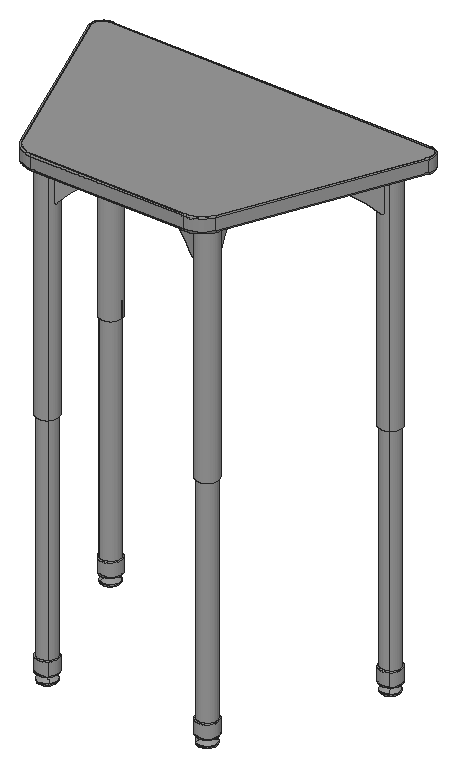
Revit family "Hierarchy Snap Octagonal Trapezoid Desk - Standing Height", category Furniture, Revit 2018
Family settings
  Work Plane-Based = No
  Always vertical = Yes
  Cut with Voids When Loaded = No
  Shared = No
  Room Calculation Point = No
Parameters
  Desk Height = 3' - 5"
  Surface = Hierarchy Snap Octagonal Trapezoid Desk Standing Surface
  Leg Finish = Hierarchy Leg Platinum
  Edgeband = Hierarchy Snap Octagonal Trapezoid Desk Standing Edgeband
  Caster/Glide = Hierarchy Standing Leg - Glide : Hierarchy Standing Leg - Glide
Reference planes (in)
  plane 1 "Center (Front/Back)": y = 0
  plane 2: z = 0
  plane 3 "Center (Left/Right)": x = 0
  plane 4 "Table Height": z = 41
Dimensions and locks (in)
  "Desk Height": plane 4 "Table Height" to level
  aligned and locked: plane 2 to level
  aligned and locked: nested 1 to plane 4 "Table Height"
Nested families (in)
  nested 1: "Snap Octagonal Trapezoid Tabletop" at (0, 0, 13.85825), type "Snap Octagonal Trapezoid Tabletop"
  nested 2: "Hierarchy Standing Leg - Glide" at (-12.25, 6.75, 0) x (0.5556, 0.8315, 0) z (0, 0, 1), Leg Finish <- "Leg Finish", Leg Height <- "Desk Height", type "Hierarchy Standing Leg - Glide"
    with Leg Height 3' - 5", Leg Finish Hierarchy Leg Platinum
  nested 3: "Hierarchy Standing Leg - Glide" at (-7, -6.75, 0) x (-0.7071, 0.7071, 0) z (0, 0, 1), type <- "Caster/Glide", Leg Finish <- "Leg Finish", Leg Height <- "Desk Height", type "Hierarchy Standing Leg - Glide"
  nested 4: "Hierarchy Standing Leg - Glide" at (7, -6.75, 0) x (-0.7071, -0.7071, 0) z (0, 0, 1), type <- "Caster/Glide", Leg Finish <- "Leg Finish", Leg Height <- "Desk Height", type "Hierarchy Standing Leg - Glide"
  nested 5: "Hierarchy Standing Leg - Glide" at (12.25, 6.75, 0) x (-0.5556, 0.8315, 0) z (0, 0, 1), Leg Finish <- "Leg Finish", Leg Height <- "Desk Height", type "Hierarchy Standing Leg - Glide"
    with Leg Height 3' - 5", Leg Finish Hierarchy Leg Platinum
Definition of nested family "Snap Octagonal Trapezoid Tabletop"
  Parameters (values of type "Snap Octagonal Trapezoid Tabletop")
    Surface = none
    Edgeband = none
  Reference planes (in)
    plane 1 "Center (Front/Back)": y = 0
    plane 2: z = 0
    plane 3 "Center (Left/Right)": x = 0
  Forms (in)
    Extrusion 1, solid, material <- "Surface"
      sketch origin (0, 0, 0) x (1, 0, 0) y (0, 1, 0)
        loop
          line (13.96008, 8.95098) -> (-14.05799, 8.95098)
          arc (-14.05799, 8.95098) -> (-14.76477, 8.57319) -> (-14.84333, 7.77563) r 0.85005
          line (-14.84333, 7.77563) -> (-8.47778, -7.59223)
          arc (-8.47778, -7.59223) -> (-7.75777, -8.46956) -> (-6.67169, -8.79902) r 1.95489
          line (-6.67169, -8.79902) -> (6.66876, -8.79902)
          arc (6.66876, -8.79902) -> (7.71535, -8.48154) -> (8.40918, -7.63611) r 1.88382
          line (8.40918, -7.63611) -> (14.77474, 7.73176)
          arc (14.77474, 7.73176) -> (14.69325, 8.55909) -> (13.96008, 8.95098) r 0.88178
      from 27.14175 to 28.39175
    Sweep 2, solid, material <- "Edgeband"
      path in 3D
        loop
          arc (-14.05799, 8.95098, 28.39175) -> (-14.76477, 8.57319, 28.39175) -> (-14.84333, 7.77563, 28.39175) r 0.85005
          line (-14.84333, 7.77563, 28.39175) -> (-8.47778, -7.59223, 28.39175)
          arc (-8.47778, -7.59223, 28.39175) -> (-7.75777, -8.46956, 28.39175) -> (-6.67169, -8.79902, 28.39175) r 1.95489
          line (-6.67169, -8.79902, 28.39175) -> (6.66876, -8.79902, 28.39175)
          arc (6.66876, -8.79902, 28.39175) -> (7.71535, -8.48154, 28.39175) -> (8.40918, -7.63611, 28.39175) r 1.88382
          line (8.40918, -7.63611, 28.39175) -> (14.77474, 7.73176, 28.39175)
          arc (14.77474, 7.73176, 28.39175) -> (14.69325, 8.55909, 28.39175) -> (13.96008, 8.95098, 28.39175) r 0.88178
          line (13.96008, 8.95098, 28.39175) -> (-14.05799, 8.95098, 28.39175)
      profile origin (-0.04895, 8.95098, 28.39175) x (0, -1, 0) y (0, 0, 1)
        loop
          arc (0, 0) -> (-0.07921, -0.03281) -> (-0.11202, -0.11202) r 0.11202
          line (-0.11202, -0.11202) -> (-0.11202, -1.13798)
          arc (-0.11202, -1.13798) -> (-0.07921, -1.21719) -> (0, -1.25) r 0.11202
          line (0, -1.25) -> (0, 0)
  Lines and regions (in)
    sketch lines
      curve 1: line (13.96008, 8.95098, 28.39175) -> (-14.05799, 8.95098, 28.39175)
      curve 2: arc (-14.84333, 7.77563, 28.39175) -> (-14.76477, 8.57319, 28.39175) -> (-14.05799, 8.95098, 28.39175) r 0.85005
      curve 3: line (-14.84333, 7.77563, 28.39175) -> (-8.47778, -7.59223, 28.39175)
      curve 4: line (-6.67169, -8.79902, 28.39175) -> (6.66876, -8.79902, 28.39175)
      curve 5: arc (8.40918, -7.63611, 28.39175) -> (7.71535, -8.48154, 28.39175) -> (6.66876, -8.79902, 28.39175) r 1.88382
      curve 6: arc (-6.67169, -8.79902, 28.39175) -> (-7.75777, -8.46956, 28.39175) -> (-8.47778, -7.59223, 28.39175) r 1.95489
      curve 7: line (8.40918, -7.63611, 28.39175) -> (14.77474, 7.73176, 28.39175)
      curve 8: arc (13.96008, 8.95098, 28.39175) -> (14.69325, 8.55909, 28.39175) -> (14.77474, 7.73176, 28.39175) r 0.88178
  Dimensions and locks (in)
    aligned and locked: plane 2 to level
Definition of nested family "Hierarchy Standing Leg - Glide"
  Parameters (values of type "Hierarchy Standing Leg - Glide")
    Leg Finish [instance] = none
    Leg Height [instance] = 3' - 5"
  Reference planes (in)
    plane 1 "Center (Front/Back)": y = 0
    plane 2: z = 0
    plane 3 "Center (Left/Right)": x = 0
  Forms (in)
    Extrusion 1, solid
      sketch origin (-0.01562, 0, 0) x (1, 0, 0) y (0, 1, 0)
        loop
          circle (0.01563, 0) r 0.79147
      from 2 to 23.175
    Revolve 2, solid
      sketch origin (0, 0, 0) x (1, 0, 0) y (0, 0, 1)
        loop
          line (0, 2) -> (0, 0.74937) -> (0.84838, 0.74937)
          arc (0.84838, 0.74937) -> (0.89342, 0.76803) -> (0.91207, 0.81306) r 0.06369
          line (0.91207, 0.81306) -> (0.91207, 1.93631)
          arc (0.91207, 1.93631) -> (0.89342, 1.98134) -> (0.84838, 2) r 0.06369
          line (0.84838, 2) -> (0, 2)
        axis (0, 2) -> (0, 0.74937)
      angle from 0 to 360
    Revolve 3, solid
      sketch origin (0, 0, 0) x (1, 0, 0) y (0, 0, 1)
        loop
          line (0, 0.75) -> (0, 0) -> (0.74583, 0) -> (0.79147, 0.09013) -> (0.79147, 0.16241) -> (0.12474, 0.5) -> (0.12474, 0.75) -> (0, 0.75)
        axis (0, 0.75) -> (0, 0)
      angle from 0 to 360
  Dimensions and locks (in)
    "Leg Height": nested 1 to level
    aligned and locked: plane 2 to level
  Automatic sketch dimensions
    plane 1 "Center (Front/Back)" to Extrusion 1 sketch curve = 0' - 0"
    Extrusion 1 sketch curve to plane 3 "Center (Left/Right)" = 0' - 0"
    Revolve 2 sketch curve to plane 3 "Center (Left/Right)" = 0' - 0"  (x2)
    plane 3 "Center (Left/Right)" to Revolve 2 sketch curve = 0' - 0.84838"
    Revolve 2 sketch curve to Revolve 2 sketch curve = 0' - 0.84838"
    Revolve 2 sketch curve to Revolve 2 sketch curve = 0' - 0.06369"
    level to Revolve 2 sketch curve = 0' - 0.74937"
    Revolve 2 sketch curve to Revolve 2 sketch curve = 0' - 1.12324"
    Revolve 2 sketch curve to Revolve 2 sketch curve = 0' - 0.13731"
    Revolve 2 sketch curve to Revolve 2 sketch curve = 0' - 0 3/4"
    Revolve 3 sketch curve to plane 3 "Center (Left/Right)" = 0' - 0"  (x2)
    Revolve 3 sketch curve to level = 0' - 0"
    plane 3 "Center (Left/Right)" to Revolve 3 sketch curve = 0' - 0.12474"
    plane 3 "Center (Left/Right)" to Revolve 3 sketch curve = 0' - 0.74583"
    Revolve 3 sketch curve to Revolve 3 sketch curve = 0' - 0.04564"
    level to Revolve 3 sketch curve = 0' - 0.09013"
    Revolve 3 sketch curve to Revolve 3 sketch curve = 0' - 0.07228"
    level to Revolve 3 sketch curve = 0' - 0 1/2"
    Revolve 3 sketch curve to Revolve 3 sketch curve = 0' - 0 1/4"
    Revolve 3 sketch curve to level = 0' - 0 1/8"
    Revolve 3 sketch curve to Revolve 3 sketch curve = 0' - 0 1/8"
    radius of Extrusion 1 sketch curve = 0' - 0.79147"
  Nested families (in)
    nested 1: "Hierarchy Standing Upper Leg 2023" at (0, 0, 0.19983), Leg Finish <- "Leg Finish", type "Hierarchy Standing Upper Leg 2023"
      with Leg Finish none
  Definition of nested family "Hierarchy Standing Upper Leg 2023"
    Parameters (values of type "Hierarchy Standing Upper Leg 2023")
      Leg Finish [instance] = none
    Reference planes (in)
      plane 1 "Center (Front/Back)": y = 0
      plane 2: z = 0
      plane 3 "Center (Left/Right)": x = 0
    Forms (in)
      Extrusion 1, solid, material <- "Leg Finish"
        sketch origin (0, 0, 0) x (1, 0, 0) y (0, 1, 0)
          loop
            circle (0, 0) r 0.9129
        from 20.67418 to 40.67418
      Extrusion 2, solid, material <- "Leg Finish"
        sketch origin (0, 0, 12.998) x (1, 0, 0) y (0, 1, 0)
          loop
            line (-1.70174, 0.19183) -> (-3.96611, -4.49738)
            arc (-3.96611, -4.49738) -> (-3.91977, -5.33444) -> (-3.18615, -5.74016) r 0.86614
            line (-3.18615, -5.74016) -> (3.18615, -5.74016)
            arc (3.18615, -5.74016) -> (3.91977, -5.33444) -> (3.96611, -4.49738) r 0.86614
            line (3.96611, -4.49738) -> (1.70174, 0.19183)
            arc (1.70174, 0.19183) -> (0, 1.25984) -> (-1.70174, 0.19183) r 1.88976
        from 27.67618 to 27.80217
      Extrusion 3, solid, material <- "Leg Finish"
        sketch origin (12.41967, 1.58692, 0) x (0.434844, 0.900506, 0) y (0, 0, 1)
          loop
            arc (-12.68776, 40.67418) -> (-12.80559, 40.56418) -> (-12.70394, 40.43908) r 0.11811
            arc (-12.70394, 40.43908) -> (-9.98192, 39.53509) -> (-7.76426, 37.71614) r 7.87402
            arc (-7.76426, 37.71614) -> (-7.63344, 37.68136) -> (-7.55587, 37.79229) r 0.11811
            line (-7.55587, 37.79229) -> (-7.55587, 40.67418) -> (-12.68776, 40.67418)
        from -11.10976 to -10.98378
      Extrusion 4, solid, material <- "Leg Finish"
        sketch origin (-12.41967, 1.58692, 0) x (-0.434844, 0.900506, 0) y (0, 0, -1)
          loop
            line (-12.68776, -40.67418) -> (-7.55587, -40.67418) -> (-7.55587, -37.79229)
            arc (-7.55587, -37.79229) -> (-7.63344, -37.68136) -> (-7.76426, -37.71614) r 0.11811
            arc (-7.76426, -37.71614) -> (-9.98192, -39.53509) -> (-12.70394, -40.43908) r 7.87402
            arc (-12.70394, -40.43908) -> (-12.80559, -40.56418) -> (-12.68776, -40.67418) r 0.11811
        from -11.10976 to -10.98378
    Dimensions and locks (in)
      aligned and locked: plane 2 to level
